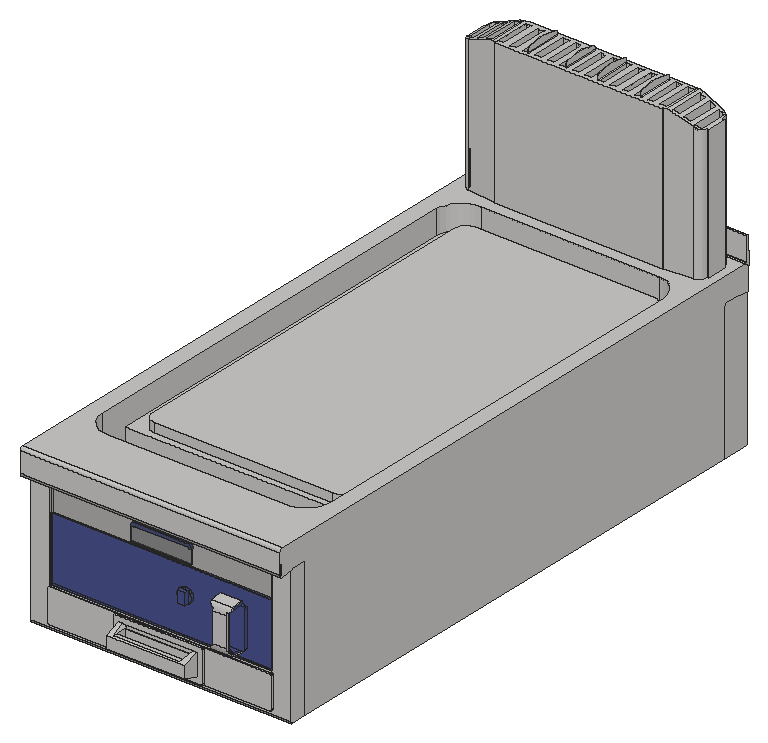
Revit family "QF_ELECTROLUXPROFESSIONAL_593317_MCGHACJOVI", category Specialty Equipment, Revit 2018
Family settings
  Round Connector Dimension = Use Diameter
  Part Type = Normal
  Work Plane-Based = No
  Always vertical = Yes
  Cut with Voids When Loaded = No
  Shared = No
  Room Calculation Point = No
Parameters (values of type "Standard")
  Weight = 82.00 kg
  Watts = 0 W
  Volts = 0 V
  URL Manufacturer = "http://professional.electrolux.com"
  URL = "http://professional.electrolux.com"
  Steam Supply Size = 0"
  Steam Supply Minimum Pressure = 0.00 psi
  Steam Supply Maximum Pressure = 0.00 psi
  Steam Pounds per Hour = 0
  Show Clearance [instance] = yes
  Refrigeration Suction Line Size = 0 mm
  Refrigeration Liquid Line Size = 0 mm
  Refrigerant Compressor Remote = yes
  Phase = 0
  Model = "MCGHACJOVI"
  Manufacturer = "Electrolux Professional"
  Length Actual = 1000 mm  # constant formula
  Item Number = "593317"
  Hot Water Size = 0"
  Height Actual = 250 mm  # constant formula
  HP = "0 HP"
  Gas Size = 1/2"
  Gas KW = 34
  Gas Input Pressure = 3.27142 Btu/h
  Direct Waste Size = 0"
  Description = "GAS TOP,4B,TOWNGAS,ECO,2S,1000X900X250"
  Depth Actual = 900 mm  # constant formula
  Cycle = 0 Hz
  Condensate Return Size = 0"
  Compressed Air Volume = 0 GPM
  Compressed Air Size = 0"
  Compressed Air Pressure = 0.00 psi
  Cold Water Size = 0"
  Accessory = yes
Reference planes
  plane 1 "BACK": y = 0
  plane 2: z = 0
  plane 3 "LEFT": x = 0
  plane 4 "RIGHT": x = 400
  plane 5 "FRONT": y = -900
  plane 6 "TOP": z = 250
  plane 7: x = 200
  plane 8: y = -450
  plane 9: z = 481
  plane 10: y = -1330
Forms (mm)
  Extrusion 1, solid, material "QF_Finishes_Stainless Steel"
    sketch origin (0, -487.128, 0) x (0, 1, 0) y (0, 0, 1)
      loop
        line (483.128, 250) -> (-408.872, 250)
        arc (-408.872, 250) -> (-411.7, 248.828) -> (-412.872, 246) r 4
        line (-412.872, 246) -> (-412.872, 214)
        arc (-412.872, 214) -> (-411.443, 210.936) -> (-408.177, 210.061) r 4
        line (-408.177, 210.061) -> (-391.509, 213) -> (-366.872, 213) -> (-366.872, 0) -> (441.128, 0) -> (441.128, 213) -> (465.765, 213) -> (482.433, 210.061)
        arc (482.433, 210.061) -> (485.699, 210.936) -> (487.128, 214) r 4
        line (487.128, 214) -> (487.128, 246)
        arc (487.128, 246) -> (485.956, 248.828) -> (483.128, 250) r 4
    from 0 to 400
  Extrusion 2, void
    sketch origin (653.786, 44.048, 250) x (1, 0, 0) y (0, -1, 0)
      loop
        line (-590.636, 138.048) -> (-316.936, 138.048)
        arc (-316.936, 138.048) -> (-289.96, 149.222) -> (-278.786, 176.198) r 38.15
        line (-278.786, 176.198) -> (-278.786, 816.572)
        arc (-278.786, 816.572) -> (-290.056, 843.779) -> (-317.263, 855.048) r 38.476
        line (-317.263, 855.048) -> (-591.786, 855.048)
        arc (-591.786, 855.048) -> (-617.949, 844.211) -> (-628.786, 818.048) r 37
        line (-628.786, 818.048) -> (-628.786, 176.198)
        arc (-628.786, 176.198) -> (-617.613, 149.222) -> (-590.636, 138.048) r 38.15
    from 0 to 37
  Extrusion 3, void
    sketch origin (1307.573, 92.096, 213) x (0, 1, 0) y (1, 0, 0)
      loop
        line (-821.846, -932.573) -> (-864.62, -932.573)
        arc (-864.62, -932.573) -> (-891.827, -943.842) -> (-903.096, -971.049) r 38.476
        line (-903.096, -971.049) -> (-903.096, -1245.573)
        arc (-903.096, -1245.573) -> (-892.259, -1271.736) -> (-866.096, -1282.573) r 37
        line (-866.096, -1282.573) -> (-821.846, -1282.573) -> (-821.846, -932.573)
    from 0 to 25.6
  Extrusion 4, void
    sketch origin (1307.573, 92.096, 187.4) x (-1, 0, 0) y (0, 1, 0)
      loop
        circle (1212.573, -862.096) r 22.248
    from 0 to 92
  Extrusion 5, solid, material "QF_Finishes_Stainless Steel"
    sketch origin (0, -854, 0) x (1, 0, 0) y (0, -1, 0)
      loop
        circle (365, -264) r 6.35
    from 0 to 3.2
  Extrusion 6, solid, material "QF_Door-Drawer Clearances", visible <- "Show Clearance", detail levels coarse
    sketch origin (237.31, -881.593, 8.62) x (0, 0, 1) y (-1, 0, 0)
      loop
        line (1.973, -134.295) -> (49.317, -134.295)
        arc (49.317, -134.295) -> (50.776, -133.691) -> (51.38, -132.232) r 2.063
        line (51.38, -132.232) -> (51.38, 206.852)
        arc (51.38, 206.852) -> (50.88, 208.549) -> (49.541, 209.705) r 3.133
        line (49.541, 209.705) -> (3.067, 209.705)
        arc (3.067, 209.705) -> (0.898, 208.807) -> (0, 206.638) r 3.067
        line (0, 206.638) -> (0, -132.322)
        arc (0, -132.322) -> (0.578, -133.717) -> (1.973, -134.295) r 1.973
    from 0 to 448.407
  Extrusion 7, solid, material "QF_Finishes_Stainless Steel"
    sketch origin (653.786, 44.048, 213) x (1, 0, 0) y (0, 1, 0)
      loop
        line (-608.786, -166.361) -> (-608.786, -745.485)
        arc (-608.786, -745.485) -> (-603.47, -758.319) -> (-590.636, -763.635) r 18.15
        line (-590.636, -763.635) -> (-316.936, -763.635)
        arc (-316.936, -763.635) -> (-304.102, -758.319) -> (-298.786, -745.485) r 18.15
        line (-298.786, -745.485) -> (-298.786, -166.361)
        arc (-298.786, -166.361) -> (-304.102, -153.527) -> (-316.936, -148.211) r 18.15
        line (-316.936, -148.211) -> (-590.636, -148.211)
        arc (-590.636, -148.211) -> (-603.47, -153.527) -> (-608.786, -166.361) r 18.15
    from 0 to 13.3
  Extrusion 8, solid, material "QF_Clearances", visible <- "Show Clearance", detail levels coarse
    sketch origin (-178.969, -4572, 0) x (-1, 0, 0) y (0, -1, 0)
      loop
        line (-78.969, -3672) -> (-178.969, -3672) -> (-178.969, -4572) -> (-578.969, -4572) -> (-578.969, -3672) -> (-678.969, -3672) -> (-678.969, -4672) -> (-78.969, -4672) -> (-78.969, -3672)
    from 0 to 250
  Extrusion 9, solid, material "QF_Finishes_Stainless Steel"
    sketch origin (0, 0, 0) x (0, 1, 0) y (0, 0, 1)
      loop
        line (-2.951, 1.994) -> (-2.951, 210.127)
        arc (-2.951, 210.127) -> (-3.795, 210.003) -> (-4.646, 210.061) r 4
        line (-4.646, 210.061) -> (-21.287, 212.994) -> (-45, 212.994) -> (-45, -0.006) -> (-4.951, -0.006)
        arc (-4.951, -0.006) -> (-3.537, 0.58) -> (-2.951, 1.994) r 2
      loop
        arc (-1.951, 252) -> (-2.537, 250.586) -> (-3.951, 250) r 2
        arc (-3.951, 250) -> (-1.172, 248.823) -> (0, 245.994) r 4
        line (0, 245.994) -> (0, 288) -> (-1.951, 288) -> (-1.951, 252)
    from 400 to 0
Cuts and joins
  Extrusion 2, Extrusion 3, Extrusion 4 cuts Extrusion 1
Lines and regions (mm)
  symbolic lines
    curve 1: line (293.666, -902.326, 0) -> (293.666, -900, 0)
    curve 2: spline (299.334, -903.73, 0) -> (298.856, -903.657, 0) -> (298.378, -903.575, 0) -> (297.901, -903.486, 0) -> (297.425, -903.389, 0) -> (296.95, -903.283, 0) -> (296.476, -903.17, 0) -> (296.004, -903.049, 0) -> (295.533, -902.92, 0) -> (295.064, -902.783, 0) -> (294.596, -902.638, 0) -> (294.13, -902.486, 0) -> (293.666, -902.326, 0)
    curve 3: line (325.881, -902.326, 0) -> (325.881, -900, 0)
    curve 4: spline (325.881, -902.326, 0) -> (325.417, -902.486, 0) -> (324.951, -902.638, 0) -> (324.483, -902.783, 0) -> (324.014, -902.92, 0) -> (323.543, -903.049, 0) -> (323.071, -903.17, 0) -> (322.597, -903.283, 0) -> (322.122, -903.389, 0) -> (321.646, -903.486, 0) -> (321.169, -903.575, 0) -> (320.691, -903.657, 0) -> (320.213, -903.73, 0)
    curve 5: line (299.334, -903.73, 0) -> (320.213, -903.73, 0)
    curve 6: line (25, -774, 0) -> (25, -132.15, 0)
    curve 7: arc (25, -132.15, 0) -> (36.174, -105.174, 0) -> (63.15, -94, 0) r 38.15
    curve 8: line (63.15, -94, 0) -> (336.85, -94, 0)
    curve 9: arc (336.85, -94, 0) -> (363.826, -105.174, 0) -> (375, -132.15, 0) r 38.15
    curve 10: line (375, -132.15, 0) -> (375, -772.524, 0)
    curve 11: arc (375, -772.524, 0) -> (363.731, -799.731, 0) -> (336.524, -811, 0) r 38.476
    curve 12: line (336.524, -811, 0) -> (62, -811, 0)
    curve 13: arc (62, -811, 0) -> (35.837, -800.163, 0) -> (25, -774, 0) r 37
    curve 14: line (375, -729.75, 0) -> (25, -729.75, 0)
    curve 15: circle (95, -770, 0) r 22.248 normal (0, 0, -1)
    curve 16: line (0, 0, 0) -> (400, 0, 0)
    curve 17: line (0, -900, 0) -> (0, 0, 0)
    curve 18: line (400, -900, 0) -> (0, -900, 0)
    curve 19: line (400, 0, 0) -> (400, -900, 0)
    curve 20: line (147.608, -908.767, 0) -> (250.042, -908.767, 0)
    curve 21: line (250.042, -908.767, 0) -> (251.588, -900, 0)
    curve 22: line (147.608, -908.767, 0) -> (146.062, -900, 0)
  symbolic lines, style "QF_Door-Drawer Clearances"
    curve 23: line (27.605, -1330, 0) -> (27.605, -900, 0)
    curve 24: line (27.605, -1330, 0) -> (371.605, -1330, 0)
    curve 25: line (371.605, -1330, 0) -> (371.605, -900, 0)
  symbolic lines, style "SpecialityEquipment"
    curve 26: line (355, -701.437, 0) -> (355, -122.313, 0)
    curve 27: arc (355, -122.313, 0) -> (349.684, -109.479, 0) -> (336.85, -104.163, 0) r 18.15
    curve 28: line (336.85, -104.163, 0) -> (63.15, -104.163, 0)
    curve 29: arc (63.15, -104.163, 0) -> (50.316, -109.479, 0) -> (45, -122.313, 0) r 18.15
    curve 30: line (45, -122.313, 0) -> (45, -701.437, 0)
    curve 31: arc (45, -701.437, 0) -> (50.316, -714.271, 0) -> (63.15, -719.587, 0) r 18.15
    curve 32: line (63.15, -719.587, 0) -> (336.85, -719.587, 0)
    curve 33: arc (336.85, -719.587, 0) -> (349.684, -714.271, 0) -> (355, -701.437, 0) r 18.15
    curve 37: line (0, -1.951, 0) -> (400, -1.951, 0)
  symbolic lines, style "QF_Clearances", visible <- "Show Clearance", detail levels coarse
    curve 34: line (-100, 100, 0) -> (-100, -900, 0)
    curve 35: line (500, 100, 0) -> (-100, 100, 0)
    curve 36: line (500, -900, 0) -> (500, 100, 0)
Dimensions and locks
  plane 3 "LEFT" to plane 4 "RIGHT" = 400 mm
  plane 5 "FRONT" to plane 1 "BACK" = 900 mm
  equal spacing: plane 3 "LEFT", plane 7, plane 4 "RIGHT"
  equal spacing: plane 5 "FRONT", plane 8, plane 1 "BACK"
  plane 6 "TOP" to level = 250 mm  (x2)
  plane 1 "BACK" to plane 5 "FRONT" = 900 mm
  Extrusion 5 sketch curve to plane 1 "BACK" = 590 mm
  Extrusion 5 sketch curve to plane 4 "RIGHT" = 35 mm
  plane 5 "FRONT" to plane 10 = 430 mm
  plane 9 to plane 6 "TOP" = 231 mm
  plane 9 to level = 481 mm
  Extrusion 8 to plane 3 "LEFT" = 100 mm
  plane 4 "RIGHT" to Extrusion 8 = 100 mm
  plane 1 "BACK" to Extrusion 8 = 100 mm
  radius of Extrusion 7 sketch curve = 18.15 mm  (x4)
  aligned and locked: level to plane 2
  aligned and locked: plane 7 to nested 1
  aligned and locked: Extrusion 6 to plane 10
  aligned and locked: nested 2 to plane 6 "TOP"
  aligned and locked: plane 6 "TOP" to Extrusion 8
  aligned and locked: Extrusion 9 to plane 4 "RIGHT"
Automatic sketch dimensions
  Extrusion 1 to Extrusion 2 sketch curve = 90 mm
  Extrusion 1 to Extrusion 2 sketch curve = 122 mm
  Extrusion 1 to Extrusion 2 sketch curve = 25 mm
  Extrusion 2 sketch curve to Extrusion 2 sketch curve = 38.15 mm  (x2)
  Extrusion 1 to Extrusion 2 sketch curve = 123.476 mm
  Extrusion 1 to Extrusion 2 sketch curve = 85 mm
  Extrusion 2 sketch curve to Extrusion 2 sketch curve = 274.524 mm
  Extrusion 1 sketch curve to plane 5 "FRONT" = 0 mm
  Extrusion 1 sketch curve to plane 6 "TOP" = 0 mm
  Extrusion 1 sketch curve to level = 0 mm
  Extrusion 1 sketch curve to plane 1 "BACK" = 0 mm
  Extrusion 1 sketch curve to plane 6 "TOP" = 37 mm  (x2)
  Extrusion 1 sketch curve to plane 5 "FRONT" = 4 mm
  Extrusion 1 sketch curve to plane 5 "FRONT" = 21.363 mm
  Extrusion 1 sketch curve to plane 5 "FRONT" = 46 mm
  plane 1 "BACK" to Extrusion 1 sketch curve = 21.363 mm
  plane 1 "BACK" to Extrusion 1 sketch curve = 4 mm  (x2)
  Extrusion 1 sketch curve to Extrusion 1 sketch curve = 4 mm
  Extrusion 1 sketch curve to Extrusion 1 sketch curve = 0.695 mm
  Extrusion 1 sketch curve to Extrusion 1 sketch curve = 0 mm  (x4)
  plane 1 "BACK" to Extrusion 1 sketch curve = 4.695 mm
  Extrusion 1 sketch curve to Extrusion 1 sketch curve = 1 mm  (x2)
  plane 1 "BACK" to Extrusion 1 sketch curve = 46 mm
  Extrusion 3 sketch curve to Extrusion 2 = 81.25 mm
  Extrusion 2 to Extrusion 3 sketch curve = 0 mm  (x2)
  Extrusion 3 sketch curve to Extrusion 3 sketch curve = 37 mm
  Extrusion 3 sketch curve to Extrusion 3 sketch curve = 274.524 mm
  Extrusion 3 sketch curve to Extrusion 2 = 38.476 mm
  Extrusion 4 sketch curve to Extrusion 3 = 41 mm
  Extrusion 4 sketch curve to Extrusion 3 = 70 mm
  Extrusion 6 sketch curve to nested 1 = 1.973 mm
  Extrusion 6 sketch curve to nested 1 = 2.853 mm
  Extrusion 6 sketch curve to nested 1 = 1.839 mm
  Extrusion 7 sketch curve to Extrusion 2 = 20 mm
  Extrusion 7 sketch curve to Extrusion 2 = 91.413 mm
  Extrusion 7 sketch curve to Extrusion 2 = 38.15 mm
  Extrusion 7 sketch curve to Extrusion 2 = 28.313 mm
  plane 1 "BACK" to Extrusion 8 sketch curve = 0 mm
  plane 5 "FRONT" to Extrusion 8 sketch curve = 0 mm  (x2)
  Extrusion 8 sketch curve to plane 4 "RIGHT" = 100 mm
  Extrusion 8 sketch curve to plane 1 "BACK" = 100 mm
  Extrusion 8 sketch curve to plane 3 "LEFT" = 100 mm
  Extrusion 8 sketch curve to plane 3 "LEFT" = 0 mm
  Extrusion 8 sketch curve to plane 4 "RIGHT" = 0 mm
  Extrusion 9 sketch curve to plane 1 "BACK" = 0 mm  (x2)
  Extrusion 9 sketch curve to level = 0.006 mm
  Extrusion 9 sketch curve to plane 6 "TOP" = 0 mm
  Extrusion 9 sketch curve to Extrusion 9 sketch curve = 1.951 mm
  plane 1 "BACK" to Extrusion 9 sketch curve = 2.951 mm
  Extrusion 9 sketch curve to Extrusion 9 sketch curve = 2 mm  (x2)
  Extrusion 9 sketch curve to Extrusion 9 sketch curve = 18.335 mm
  Extrusion 9 sketch curve to Extrusion 9 sketch curve = 40.049 mm
  Extrusion 9 sketch curve to Extrusion 9 sketch curve = 1.695 mm
  Extrusion 9 sketch curve to Extrusion 9 sketch curve = 0 mm  (x3)
  Extrusion 9 sketch curve to Extrusion 9 sketch curve = 4 mm
  plane 1 "BACK" to Extrusion 9 sketch curve = 3.951 mm
  Extrusion 9 sketch curve to plane 6 "TOP" = 39.873 mm
  Extrusion 9 sketch curve to plane 6 "TOP" = 37.006 mm
  Extrusion 9 sketch curve to Extrusion 9 sketch curve = 36 mm
  Extrusion 9 sketch curve to Extrusion 9 sketch curve = 0.066 mm
  Extrusion 9 sketch curve to plane 6 "TOP" = 4.006 mm
  plane 1 "BACK" to curve 16 = 0 mm
  curve 24 to plane 10 = 0 mm
  curve 17 to plane 3 "LEFT" = 0 mm
  plane 5 "FRONT" to curve 18 = 0 mm
  plane 5 "FRONT" to curve 36 = 0 mm
  curve 37 to plane 4 "RIGHT" = 0 mm
  plane 5 "FRONT" to curve 34 = 0 mm
  curve 35 to plane 4 "RIGHT" = 100 mm
  plane 4 "RIGHT" to curve 10 = 25 mm
  plane 4 "RIGHT" to curve 24 = 28.395 mm
  curve 10 to curve 26 = 20 mm
  curve 33 to curve 32 = 18.15 mm
  curve 27 to curve 28 = 18.15 mm
  curve 8 to curve 27 = 0 mm
  curve 11 to curve 12 = 38.476 mm
  plane 5 "FRONT" to curve 3 = 2.326 mm
  curve 25 to curve 3 = 45.724 mm
  plane 5 "FRONT" to curve 5 = 3.73 mm
  curve 3 to curve 5 = 5.669 mm
  curve 5 to curve 5 = 20.878 mm
  plane 5 "FRONT" to curve 1 = 2.326 mm
  curve 2 to curve 1 = 5.669 mm
  plane 5 "FRONT" to curve 21 = 8.767 mm
  curve 1 to curve 21 = 43.623 mm
  curve 22 to plane 7 = 52.392 mm
  plane 3 "LEFT" to curve 28 = 63.15 mm
  plane 3 "LEFT" to curve 32 = 63.15 mm
  curve 8 to curve 28 = 0 mm
  plane 3 "LEFT" to curve 12 = 62 mm
  curve 29 to curve 30 = 18.15 mm
  plane 3 "LEFT" to curve 23 = 27.605 mm
  plane 3 "LEFT" to curve 6 = 25 mm
  curve 34 to plane 3 "LEFT" = 100 mm
  curve 3 to curve 4 = 9.839 mm
  plane 5 "FRONT" to curve 2 = 4.032 mm
  curve 2 to curve 5 = 4.17 mm
  curve 21 to curve 20 = 1.546 mm
  curve 20 to curve 22 = 1.546 mm
  curve 15 to curve 13 = 33 mm
  curve 34 to plane 1 "BACK" = 100 mm
  plane 1 "BACK" to curve 8 = 94 mm
  curve 8 to curve 28 = 10.163 mm
  curve 26 to curve 2 = 159.462 mm
  curve 32 to curve 10 = 52.937 mm
  curve 16 to curve 37 = 1.951 mm
  curve 30 to curve 14 = 28.313 mm
  curve 15 to curve 13 = 4 mm
  curve 2 to curve 4 = 0 mm
  radius of Extrusion 4 sketch curve = 22.248 mm
  radius of Extrusion 5 sketch curve = 6.35 mm
  radius of Extrusion 6 sketch curve to nested 1 = 0 mm  (x2)
  radius of curve 15 = 22.248 mm
Nested families
  nested 1: "GG_900_400 Front Panel with Center Grease Trap" at (202.376, -854, -650), type "GG_900_400 Front Panel with Center Grease Trap"
  nested 2: "GG_900_Flute for 400 fryer" at (404.201, -5, -635.571), type "GG_900_Flute for 400 fryer"
Connectors
  piping at (365, -590, -3.2), diameter 12.8
    settings: on Extrusion 5, index 1, connector inside diameter 0.50394", connector length 0 mm, flow factor 0, pipe flow 0 GPM, pressure drop 0.00 psi, fitting loss kfactor 0, connector angle 0.00°, fixture units 0, engagement length 0 mm, angle of deflection 0.00°, flow configuration 1, flow direction 1, fitting loss method 0, system type 7, joint type 0, gender type 0, connector reference index -1, connector utility 0, adjustable connector no, is connector primary yes, connector description "GAS CONNECTION"
Definition of nested family "GG_900_400 Front Panel with Center Grease Trap"
  Reference planes
    plane 1 "Center (Front/Back)": y = 0
    plane 2: z = 0
    plane 3 "Center (Left/Right)": x = -2.376
    plane 4: x = -202.376
    plane 5: x = 197.624
  Forms (mm)
    Extrusion 1, solid
      sketch origin (833.217, 829.203, -1.25) x (0, 1, 0) y (0, 0, 1)
        loop
          arc (-854.203, 654.25) -> (-853.324, 652.129) -> (-851.203, 651.25) r 3
          line (-851.203, 651.25) -> (-829.203, 651.25) -> (-829.203, 864.25) -> (-854.203, 864.25) -> (-854.203, 654.25)
      from -1035.593 to -635.593
    Extrusion 2, void
      sketch origin (33.217, 829.203, -1.25) x (1, 0, 0) y (0, 0, 1)
        loop
          line (-207.593, 855.116) -> (-207.593, 713.116) -> (136.407, 713.116) -> (136.407, 855.116) -> (-207.593, 855.116)
      from 848.59 to 854.203
    Extrusion 3, solid
      sketch origin (-166.718, -23.053, 847.184) x (0, 0, -1) y (1, 0, 0)
        loop
          circle (77.168, 200.901) r 11
      from 0 to 3.2
    Extrusion 4, solid
      sketch origin (-166.718, -26.253, 847.184) x (0, 0, -1) y (1, 0, 0)
        loop
          line (67.962, 195.586) -> (86.297, 195.586) -> (86.297, 206.217) -> (67.962, 206.217) -> (67.962, 195.586)
      from 0 to 6.4
  Cuts and joins
    Extrusion 2 cuts Extrusion 1
  Dimensions and locks
    equal spacing: plane 5, plane 3 "Center (Left/Right)", plane 4
    plane 5 to plane 4 = 400 mm
    plane 5 to nested 1 = 90 mm
    aligned and locked: cut or joined group of Extrusion 1, Extrusion 2 to plane 4
    aligned and locked: plane 5 to cut or joined group of Extrusion 1, Extrusion 2
    aligned and locked: plane 3 "Center (Left/Right)" to nested 2
    aligned and locked: cut or joined group of Extrusion 1, Extrusion 2 to nested 2
    aligned and locked: plane 3 "Center (Left/Right)" to nested 3
  Automatic sketch dimensions
    Extrusion 1 sketch curve to plane 1 "Center (Front/Back)" = 0 mm
    plane 1 "Center (Front/Back)" to Extrusion 1 sketch curve = 22 mm
    Extrusion 1 sketch curve to Extrusion 1 sketch curve = 3 mm
    level to Extrusion 1 sketch curve = 650 mm
    Extrusion 1 sketch curve to Extrusion 1 sketch curve = 210 mm
    plane 4 to Extrusion 2 sketch curve = 28 mm
    Extrusion 2 sketch curve to plane 5 = 28 mm
    level to Extrusion 2 sketch curve = 711.866 mm
    Extrusion 2 sketch curve to Extrusion 2 sketch curve = 142 mm
    nested 2 to Extrusion 3 sketch curve = 40.144 mm
    Extrusion 3 sketch curve to nested 2 = 132.531 mm
    Extrusion 4 sketch curve to Extrusion 4 sketch curve = 18.335 mm
    Extrusion 4 sketch curve to Extrusion 4 sketch curve = 10.631 mm
    radius of Extrusion 3 sketch curve = 11 mm
  Nested families
    nested 1: "Range Control Handle" at (107.624, -28.137, -209.113) x (-1, 0, 0) z (0, 0, 1), type "Range Control Handle"
    nested 2: "glass conrol panel" at (-2.376, 280.644, 2.752), type "glass conrol panel"
    nested 3: "grease trap door" at (65.223, -25, 0.608) x (-1, 0, 0) z (0, 0, 1), type "grease trap door"
  Definition of nested family "Range Control Handle"
    Reference planes
      plane 1 "Center (Front/Back)": y = 0
      plane 2: z = 0
      plane 3 "Center (Left/Right)": x = 0
      plane 4: z = 971.092
    Forms (mm)
      Extrusion 1, solid
        sketch origin (-746.28, 380.497, 208.931) x (-1, 0, 0) y (0, 0, 1)
          loop
            line (-770.101, 786.798) -> (-770.101, 731.649)
            arc (-770.101, 731.649) -> (-769.759, 730.563) -> (-768.855, 729.87) r 1.893
            line (-768.855, 729.87) -> (-763.474, 727.911) -> (-729.81, 727.911) -> (-724.428, 729.87)
            arc (-724.428, 729.87) -> (-723.525, 730.563) -> (-723.183, 731.649) r 1.893
            line (-723.183, 731.649) -> (-723.183, 786.798)
            arc (-723.183, 786.798) -> (-723.529, 787.894) -> (-724.44, 788.593) r 1.91
            line (-724.44, 788.593) -> (-729.683, 790.819) -> (-763.601, 790.819) -> (-768.844, 788.593)
            arc (-768.844, 788.593) -> (-769.755, 787.894) -> (-770.101, 786.798) r 1.91
        from -382.35 to -378.852
      Sweep 2, solid
        path origin (-746.788, 380.496, 208.091) x (0, -1, 0) y (0, 0, 1)
          loop
            line (379.775, 793.281) -> (395.661, 791.048)
            arc (395.661, 791.048) -> (397.781, 787.377) -> (398.517, 783.202) r 12.207
            line (398.517, 783.202) -> (398.517, 737.368)
            arc (398.517, 737.368) -> (397.781, 733.193) -> (395.661, 729.522) r 12.207
            line (395.661, 729.522) -> (379.775, 727.289)
        profile origin (-746.788, -7.222, 1000.256) x (0, -0.139173, 0.990268) y (-1, 0, 0)
          loop
            line (0.782, -763.123) -> (0.782, -730.907) -> (-1.322, -730.907) -> (-1.322, -763.123) -> (0.782, -763.123)
      Sweep 3, solid
        path origin (-746.788, 380.715, 207.832) x (0, -1, 0) y (0, 0, 1)
          loop
            line (380.478, 795.442) -> (397.218, 793.09)
            arc (397.218, 793.09) -> (399.929, 788.473) -> (400.871, 783.202) r 15.207
            line (400.871, 783.202) -> (400.871, 737.584)
            arc (400.871, 737.584) -> (399.914, 732.274) -> (397.164, 727.633) r 15.207
            line (397.164, 727.633) -> (380.601, 725.305)
        profile origin (-746.788, -8.132, 1002.099) x (0, -0.139173, 0.990268) y (-1, 0, 0)
          loop
            line (0.782, -763.123) -> (0.782, -730.907) -> (-1.322, -730.907) -> (-1.322, -763.123) -> (0.782, -763.123)
      Extrusion 4, void
        sketch origin (889.253, 220.666, 207.993) x (1, 0, 0) y (0, 0, 1)
          loop
            line (-943.038, 816.854) -> (-943.038, 703.686) -> (-899.466, 734.196) -> (-899.466, 786.344) -> (-943.038, 816.854)
        from 230.636 to 242.25
      Extrusion 5, void
        sketch origin (-888.8, 220.666, 207.993) x (-1, 0, 0) y (0, 0, -1)
          loop
            line (-943.038, -816.854) -> (-899.466, -786.344) -> (-899.466, -734.196) -> (-943.038, -703.686) -> (-943.038, -816.854)
        from 230.636 to 242.25
      Extrusion 6, solid
        sketch origin (0, 0, 0) x (1, 0, 0) y (0, 0, 1)
          loop
            circle (0, 971.092) r 7.736
        from -3.137 to -1.645
    Cuts and joins
      Extrusion 4, Extrusion 5 cuts Sweep 3
      Extrusion 4, Extrusion 5 cuts Sweep 2
      joined: Extrusion 1, Extrusion 6
    Lines and regions (mm)
      symbolic lines
        curve 1: line (23.821, 1.645, 0) -> (-23.097, 1.645, 0)
        curve 2: line (16.334, -1.853, 0) -> (23.821, -1.853, 0)
        curve 3: line (-15.881, -19.189, 0) -> (-15.881, -1.853, 0)
        curve 4: line (-23.097, -1.853, 0) -> (-15.881, -1.853, 0)
        curve 5: line (16.334, -19.189, 0) -> (16.334, -1.853, 0)
        curve 6: spline (-15.881, -19.189, 0) -> (-15.417, -19.349, 0) -> (-14.951, -19.501, 0) -> (-14.483, -19.646, 0) -> (-14.014, -19.783, 0) -> (-13.543, -19.912, 0) -> (-13.071, -20.033, 0) -> (-12.597, -20.146, 0) -> (-12.122, -20.251, 0) -> (-11.646, -20.349, 0) -> (-11.169, -20.438, 0) -> (-10.691, -20.52, 0) -> (-10.213, -20.593, 0)
        curve 7: spline (10.666, -20.593, 0) -> (11.144, -20.52, 0) -> (11.622, -20.438, 0) -> (12.099, -20.349, 0) -> (12.575, -20.251, 0) -> (13.05, -20.146, 0) -> (13.524, -20.033, 0) -> (13.996, -19.912, 0) -> (14.467, -19.783, 0) -> (14.936, -19.646, 0) -> (15.404, -19.501, 0) -> (15.87, -19.349, 0) -> (16.334, -19.189, 0)
        curve 8: line (-10.213, -20.938, 0) -> (10.716, -20.938, 0)
        curve 9: line (-23.097, 1.645, 0) -> (-23.097, -1.853, 0)
        curve 10: line (23.821, 1.645, 0) -> (23.821, -1.853, 0)
  Definition of nested family "glass conrol panel"
    Reference planes
      plane 1 "Center (Front/Back)": y = 0
      plane 2: z = 0
      plane 3 "Center (Left/Right)": x = 0
    Forms (mm)
      Extrusion 1, solid
        sketch origin (378.286, 0, 0.617) x (1, 0, 0) y (0, 0, 1)
          loop
            line (-550.286, 806.791) -> (-550.286, 708.497) -> (-206.286, 708.497) -> (-206.286, 806.791) -> (-550.286, 806.791)
        from 300.031 to 304.8
      Extrusion 2, solid
        sketch origin (378.286, 0, 0.617) x (1, 0, 0) y (0, 0, 1)
          loop
            line (-550.286, 850.497) -> (-550.286, 806.791) -> (-206.286, 806.791) -> (-206.286, 850.497) -> (-550.286, 850.497)
        from 300.031 to 304.8
      Extrusion 3, void
        sketch origin (378.286, 0, 0.617) x (1, 0, 0) y (0, 0, 1)
          loop
            line (-547.628, 847.565) -> (-547.628, 710.699) -> (-209.196, 710.699) -> (-209.196, 847.565) -> (-547.628, 847.565)
        from 303.697 to 304.8
      Extrusion 4, solid
        sketch origin (-308.309, 1.101, -0.633) x (-1, 0, 0) y (0, 0, -1)
          loop
            line (-261.431, -812.62) -> (-355.186, -812.62) -> (-355.186, -834.177) -> (-350.269, -834.177) -> (-348.469, -835.977) -> (-268.039, -835.977) -> (-266.24, -834.177) -> (-261.431, -834.177) -> (-261.431, -812.62)
        from 304.798 to 306.745
      Extrusion 5, solid
        sketch origin (-308.309, 1.101, -0.633) x (-1, 0, 0) y (0, 0, -1)
          loop
            line (-350.269, -834.177) -> (-355.078, -834.177)
            arc (-355.078, -834.177) -> (-353.942, -838.747) -> (-349.686, -840.763) r 5.5
            line (-349.686, -840.763) -> (-266.98, -840.763)
            arc (-266.98, -840.763) -> (-262.706, -838.752) -> (-261.529, -834.177) r 5.549
            line (-261.529, -834.177) -> (-266.24, -834.177) -> (-268.039, -835.977) -> (-348.469, -835.977) -> (-350.269, -834.177)
        from 304.798 to 306.745
    Cuts and joins
      Extrusion 3 cuts Extrusion 1
      Extrusion 3 cuts Extrusion 2
    Dimensions and locks
      aligned and locked: Extrusion 1 to Extrusion 2
      aligned and locked: Extrusion 5 sketch curve to Extrusion 4  (x5)
      aligned and locked: Extrusion 5 to Extrusion 4
  Definition of nested family "grease trap door"
    Reference planes
      plane 1 "Center (Front/Back)": y = 0
      plane 2: z = 0
      plane 3 "Center (Left/Right)": x = 0
    Forms (mm)
      Extrusion 1, solid
        sketch origin (1627.55, 854.203, -1.25) x (1, 0, 0) y (0, 0, 1)
          loop
            arc (-1627.55, 661.235) -> (-1626.972, 659.84) -> (-1625.577, 659.262) r 1.973
            line (-1625.577, 659.262) -> (-1494.325, 659.262)
            arc (-1494.325, 659.262) -> (-1492.156, 660.16) -> (-1491.258, 662.329) r 3.067
            line (-1491.258, 662.329) -> (-1491.258, 708.803)
            arc (-1491.258, 708.803) -> (-1492.414, 710.143) -> (-1494.111, 710.642) r 3.133
            line (-1494.111, 710.642) -> (-1625.486, 710.642)
            arc (-1625.486, 710.642) -> (-1626.945, 710.038) -> (-1627.55, 708.579) r 2.063
            line (-1627.55, 708.579) -> (-1627.55, 661.235)
        from 856.795 to 859.203
      Extrusion 2, solid
        sketch origin (445.874, 2476.61, 0) x (0, 1, 0) y (0, 0, 1)
          loop
            line (-2506.377, 675.273) -> (-2481.61, 667.505) -> (-2481.61, 700.995) -> (-2506.377, 693.227) -> (-2506.377, 675.273)
        from -437.68 to -317.68
      Extrusion 3, void
        sketch origin (1627.55, 854.203, -1.25) x (1, 0, 0) y (0, 0, 1)
          loop
            line (-1614.883, 703) -> (-1610.542, 695.433) -> (-1508.17, 695.433) -> (-1503.828, 703) -> (-1614.883, 703)
          loop
            line (-1614.883, 668) -> (-1502.669, 668) -> (-1507.01, 675.567) -> (-1610.542, 675.567) -> (-1614.883, 668)
        from 832.916 to 883.97
      Extrusion 4, void
        sketch origin (447.55, 854.203, -1.25) x (1, 0, 0) y (0, 0, 1)
          loop
            line (-430.542, 695.433) -> (-430.542, 675.567) -> (-328.17, 675.567) -> (-328.17, 695.433) -> (-430.542, 695.433)
        from 859.203 to 874.202
      Extrusion 5, solid
        sketch origin (1627.55, 854.203, -1.25) x (1, 0, 0) y (0, 0, 1)
          loop
            arc (-1731.556, 661.235) -> (-1730.978, 659.84) -> (-1729.583, 659.262) r 1.973
            line (-1729.583, 659.262) -> (-1390.623, 659.262)
            arc (-1390.623, 659.262) -> (-1388.454, 660.16) -> (-1387.556, 662.329) r 3.067
            line (-1387.556, 662.329) -> (-1387.556, 708.803)
            arc (-1387.556, 708.803) -> (-1388.712, 710.143) -> (-1390.409, 710.642) r 3.133
            line (-1390.409, 710.642) -> (-1729.493, 710.642)
            arc (-1729.493, 710.642) -> (-1730.952, 710.038) -> (-1731.556, 708.579) r 2.063
            line (-1731.556, 708.579) -> (-1731.556, 661.235)
        from 854.203 to 856.795
    Cuts and joins
      Extrusion 3 cuts Extrusion 1
      Extrusion 3, Extrusion 4 cuts Extrusion 2
      joined: Extrusion 1, Extrusion 2
    Lines and regions (mm)
      symbolic lines
        curve 1: line (0, -2.593, 0) -> (136.292, -2.593, 0)
        curve 2: line (17.557, -29.767, 0) -> (12.667, -2.593, 0)
        curve 3: line (17.557, -29.767, 0) -> (119.991, -29.767, 0)
        curve 4: line (119.991, -29.767, 0) -> (124.881, -2.593, 0)
        curve 5: line (68.146, -2.593, 0) -> (68.146, -29.767, 0)
      model lines
        curve 6: line (67.599, 0, 658.012) -> (67.599, 0, 709.392)
    Dimensions and locks
      aligned and locked: Extrusion 2 to Extrusion 1
      aligned and locked: Extrusion 3 to Extrusion 2
      aligned and locked: Extrusion 4 to Extrusion 1
Definition of nested family "GG_900_Flute for 400 fryer"
  Reference planes
    plane 1 "Center (Front/Back)": y = 0
    plane 2: z = 0
    plane 3 "Center (Left/Right)": x = -138.888
    plane 4: x = -388.888
    plane 5: y = -37.994
    plane 6: x = -24.888
    plane 7: x = -382.888
    plane 8: x = -341.546
    plane 9: x = -397.742
    plane 10: x = -10.763
  Forms (mm)
    Extrusion 1, solid
      sketch origin (3208.371, -22.924, -275.679) x (1, 0, 0) y (0, 0, 1)
        loop
          line (-3597.259, 1365.162) -> (-3597.259, 1161.25) -> (-3227.259, 1161.25) -> (-3227.259, 1364.934) -> (-3271.553, 1381.055)
          arc (-3271.553, 1381.055) -> (-3274.994, 1381.949) -> (-3278.536, 1382.25) r 21
          line (-3278.536, 1382.25) -> (-3546.608, 1382.25)
          arc (-3546.608, 1382.25) -> (-3550.146, 1381.95) -> (-3553.582, 1381.058) r 21
          line (-3553.582, 1381.058) -> (-3597.259, 1365.162)
      from -17.885 to 48.024
    Extrusion 2, void
      sketch origin (3110.917, -926.426, -226.348) x (1, 0, 0) y (0, 1, 0)
        loop
          line (-3444.887, 915.362) -> (-3444.887, 861.502) -> (-3434.887, 861.502) -> (-3434.887, 915.362) -> (-3444.887, 915.362)
      from 1111.919 to 1332.919
    Extrusion 3, void
      sketch origin (0, 0, 0) x (1, 0, 0) y (0, 1, 0)
        loop
          line (-373.021, -61.567) -> (-373.021, -14.408) -> (-377.678, -14.821)
          spline (-377.678, -14.821) -> (-378.371, -14.929) -> (-379.046, -15.126) -> (-379.692, -15.41) -> (-380.301, -15.777) -> (-380.864, -16.22) -> (-381.37, -16.734) -> (-381.814, -17.309) -> (-382.188, -17.939) -> (-382.486, -18.613) -> (-382.704, -19.32) -> (-382.839, -20.051) -> (-382.888, -20.793)
          line (-382.888, -20.793) -> (-382.888, -55.104)
          spline (-382.888, -55.104) -> (-382.855, -55.807) -> (-382.746, -56.501) -> (-382.562, -57.176) -> (-382.305, -57.825) -> (-381.98, -58.437) -> (-381.589, -59.005) -> (-381.14, -59.521) -> (-380.637, -59.978) -> (-380.087, -60.369) -> (-379.499, -60.69) -> (-378.879, -60.936) -> (-378.237, -61.104)
          line (-378.237, -61.104) -> (-373.021, -61.567)
        loop
          line (-367.195, -62.083) -> (-357.328, -62.958) -> (-357.328, -13.046) -> (-367.195, -13.892) -> (-367.195, -62.083)
        loop
          line (-351.502, -12.529) -> (-351.502, -63.476) -> (-341.546, -64.358) -> (-341.546, -11.645) -> (-351.502, -12.529)
        loop
          line (-29.412, -14.802) -> (-33.505, -14.439) -> (-33.505, -61.567) -> (-28.848, -61.184)
          spline (-28.848, -61.184) -> (-28.15, -61.075) -> (-27.471, -60.875) -> (-26.82, -60.588) -> (-26.208, -60.217) -> (-25.644, -59.768) -> (-25.136, -59.248) -> (-24.692, -58.666) -> (-24.32, -58.029) -> (-24.024, -57.349) -> (-23.81, -56.634) -> (-23.681, -55.897) -> (-23.638, -55.149)
          line (-23.638, -55.149) -> (-23.638, -20.839)
          spline (-23.638, -20.839) -> (-23.689, -20.042) -> (-23.837, -19.26) -> (-24.082, -18.505) -> (-24.417, -17.791) -> (-24.838, -17.13) -> (-25.338, -16.534) -> (-25.906, -16.014) -> (-26.535, -15.577) -> (-27.211, -15.233) -> (-27.925, -14.986) -> (-28.663, -14.842) -> (-29.412, -14.802)
        loop
          line (-39.331, -13.922) -> (-49.198, -13.046) -> (-49.198, -62.989) -> (-39.331, -62.113) -> (-39.331, -13.922)
        loop
          line (-64.98, -11.615) -> (-64.98, -64.389) -> (-55.024, -63.506) -> (-55.024, -12.499) -> (-64.98, -11.615)
      from 885.571 to 1106.571
    Extrusion 4, void
      sketch origin (5.432, 225.414, 0) x (1, 0, 0) y (0, 1, 0)
        loop
          spline (-382.452, -291.267) -> (-383.887, -291.038) -> (-385.284, -290.622) -> (-386.623, -290.026) -> (-387.883, -289.259) -> (-389.044, -288.332) -> (-390.088, -287.26) -> (-391.001, -286.059) -> (-391.767, -284.747) -> (-392.375, -283.345) -> (-392.817, -281.874) -> (-393.084, -280.356) -> (-393.174, -278.815)
          line (-393.174, -278.815) -> (-403.174, -278.815) -> (-403.174, -302.496) -> (-338.779, -302.496) -> (-338.779, -295.112) -> (-382.452, -291.267)
        loop
          line (-382.452, -235.548) -> (-338.508, -231.703) -> (-338.508, -224.32) -> (-403.174, -224.32) -> (-403.174, -248.001) -> (-393.174, -248.001)
          spline (-393.174, -248.001) -> (-393.084, -246.459) -> (-392.817, -244.941) -> (-392.375, -243.47) -> (-391.767, -242.068) -> (-391.001, -240.757) -> (-390.088, -239.556) -> (-389.044, -238.484) -> (-387.883, -237.557) -> (-386.623, -236.79) -> (-385.284, -236.194) -> (-383.887, -235.778) -> (-382.452, -235.548)
        loop
          line (-36.918, -291.267) -> (-80.794, -295.112) -> (-80.794, -302.496) -> (-16.195, -302.496) -> (-16.195, -278.815) -> (-26.195, -278.815)
          spline (-26.195, -278.815) -> (-26.285, -280.356) -> (-26.553, -281.874) -> (-26.994, -283.345) -> (-27.602, -284.747) -> (-28.369, -286.059) -> (-29.281, -287.26) -> (-30.326, -288.332) -> (-31.487, -289.259) -> (-32.746, -290.026) -> (-34.085, -290.622) -> (-35.482, -291.038) -> (-36.918, -291.267)
        loop
          spline (-36.918, -235.548) -> (-35.482, -235.778) -> (-34.085, -236.194) -> (-32.746, -236.79) -> (-31.487, -237.557) -> (-30.326, -238.484) -> (-29.281, -239.556) -> (-28.369, -240.757) -> (-27.602, -242.068) -> (-26.994, -243.47) -> (-26.553, -244.941) -> (-26.285, -246.459) -> (-26.195, -248.001)
          line (-26.195, -248.001) -> (-16.195, -248.001) -> (-16.195, -224.32) -> (-80.861, -224.32) -> (-80.861, -231.703) -> (-36.918, -235.548)
      from 0 to 1124.213
    Extrusion 5, solid
      sketch origin (-119.329, 1835.371, -536.725) x (0, 1, 0) y (0, 0, 1)
        loop
          line (-1849.66, 1651.2) -> (-1860.917, 1653.592)
          arc (-1860.917, 1653.592) -> (-1873.392, 1654.903) -> (-1885.866, 1653.592) r 60
          line (-1885.866, 1653.592) -> (-1897.123, 1651.2)
          arc (-1897.123, 1651.2) -> (-1899.403, 1649.803) -> (-1900.294, 1647.286) r 4
          line (-1900.294, 1647.286) -> (-1900.294, 1644.257) -> (-1846.435, 1644.257) -> (-1846.435, 1647.286)
          arc (-1846.435, 1647.286) -> (-1847.327, 1649.803) -> (-1849.603, 1651.198) r 4
      from 4.99 to 5.968
    Extrusion 6, solid
      sketch origin (1141.179, -0.446, -506.698) x (1, 0, 0) y (0, 0, 1)
        loop
          line (-1428.929, 1613.23) -> (-1427.196, 1613.23)
          arc (-1427.196, 1613.23) -> (-1426.997, 1613.712) -> (-1426.929, 1614.23) r 2
          line (-1426.929, 1614.23) -> (-1427.929, 1614.23)
          arc (-1427.929, 1614.23) -> (-1428.221, 1613.523) -> (-1428.929, 1613.23) r 1
      from 10.618 to 64.478
    Extrusion 7, solid
      sketch origin (-299.878, 1835.371, -536.725) x (0, 1, 0) y (0, 0, 1)
        loop
          line (-1849.66, 1651.2) -> (-1860.917, 1653.592)
          arc (-1860.917, 1653.592) -> (-1873.392, 1654.903) -> (-1885.866, 1653.592) r 60
          line (-1885.866, 1653.592) -> (-1897.123, 1651.2)
          arc (-1897.123, 1651.2) -> (-1899.403, 1649.803) -> (-1900.294, 1647.286) r 4
          line (-1900.294, 1647.286) -> (-1900.294, 1644.257) -> (-1846.435, 1644.257) -> (-1846.435, 1647.286)
          arc (-1846.435, 1647.286) -> (-1847.327, 1649.803) -> (-1849.603, 1651.198) r 4
      from 13.128 to 14.364
    Extrusion 8, solid
      sketch origin (1199.162, -0.446, -506.698) x (1, 0, 0) y (0, 0, 1)
        loop
          line (-1428.929, 1613.23) -> (-1427.196, 1613.23)
          arc (-1427.196, 1613.23) -> (-1426.997, 1613.712) -> (-1426.929, 1614.23) r 2
          line (-1426.929, 1614.23) -> (-1427.929, 1614.23)
          arc (-1427.929, 1614.23) -> (-1428.221, 1613.523) -> (-1428.929, 1613.23) r 1
      from 10.618 to 64.478
    Extrusion 9, solid
      sketch origin (-229.628, 1835.371, -536.725) x (0, 1, 0) y (0, 0, 1)
        loop
          line (-1849.66, 1651.2) -> (-1860.917, 1653.592)
          arc (-1860.917, 1653.592) -> (-1873.392, 1654.903) -> (-1885.866, 1653.592) r 60
          line (-1885.866, 1653.592) -> (-1897.123, 1651.2)
          arc (-1897.123, 1651.2) -> (-1899.403, 1649.803) -> (-1900.294, 1647.286) r 4
          line (-1900.294, 1647.286) -> (-1900.294, 1644.257) -> (-1846.435, 1644.257) -> (-1846.435, 1647.286)
          arc (-1846.435, 1647.286) -> (-1847.327, 1649.803) -> (-1849.603, 1651.198) r 4
      from 0.861 to 1.841
    Extrusion 10, solid
      sketch origin (-1411.284, -0.446, -506.698) x (-1, 0, 0) y (0, 0, -1)
        loop
          arc (-1298.929, -1613.23) -> (-1298.221, -1613.523) -> (-1297.929, -1614.23) r 1
          line (-1297.929, -1614.23) -> (-1296.929, -1614.23)
          arc (-1296.929, -1614.23) -> (-1296.997, -1613.712) -> (-1297.196, -1613.23) r 2
          line (-1297.196, -1613.23) -> (-1298.929, -1613.23)
      from 10.618 to 64.478
    Extrusion 11, solid
      sketch origin (-185.128, 1835.371, -536.725) x (0, 1, 0) y (0, 0, 1)
        loop
          line (-1849.66, 1651.2) -> (-1860.917, 1653.592)
          arc (-1860.917, 1653.592) -> (-1873.392, 1654.903) -> (-1885.866, 1653.592) r 60
          line (-1885.866, 1653.592) -> (-1897.123, 1651.2)
          arc (-1897.123, 1651.2) -> (-1899.403, 1649.803) -> (-1900.294, 1647.286) r 4
          line (-1900.294, 1647.286) -> (-1900.294, 1644.257) -> (-1846.435, 1644.257) -> (-1846.435, 1647.286)
          arc (-1846.435, 1647.286) -> (-1847.327, 1649.803) -> (-1849.603, 1651.198) r 4
      from 4.99 to 6.005
    Extrusion 12, solid
      sketch origin (-1477.066, -0.446, -506.698) x (-1, 0, 0) y (0, 0, -1)
        loop
          arc (-1298.929, -1613.23) -> (-1298.221, -1613.523) -> (-1297.929, -1614.23) r 1
          line (-1297.929, -1614.23) -> (-1296.929, -1614.23)
          arc (-1296.929, -1614.23) -> (-1296.997, -1613.712) -> (-1297.196, -1613.23) r 2
          line (-1297.196, -1613.23) -> (-1298.929, -1613.23)
      from 10.618 to 64.478
    Extrusion 13, void
      sketch origin (3360.917, -926.426, -226.348) x (1, 0, 0) y (0, 1, 0)
        loop
          line (-3444.887, 915.362) -> (-3444.887, 861.502) -> (-3434.887, 861.502) -> (-3434.887, 915.362) -> (-3444.887, 915.362)
      from 1111.919 to 1332.919
    Extrusion 14, void
      sketch origin (3130.148, -926.426, -226.348) x (1, 0, 0) y (0, 1, 0)
        loop
          line (-3444.887, 915.362) -> (-3444.887, 861.502) -> (-3434.887, 861.502) -> (-3434.887, 915.362) -> (-3444.887, 915.362)
      from 1111.919 to 1332.919
    Extrusion 15, void
      sketch origin (3149.379, -926.426, -226.348) x (1, 0, 0) y (0, 1, 0)
        loop
          line (-3444.887, 915.362) -> (-3444.887, 861.502) -> (-3434.887, 861.502) -> (-3434.887, 915.362) -> (-3444.887, 915.362)
      from 1111.919 to 1332.919
    Extrusion 16, void
      sketch origin (3168.61, -926.426, -226.348) x (1, 0, 0) y (0, 1, 0)
        loop
          line (-3444.887, 915.362) -> (-3444.887, 861.502) -> (-3434.887, 861.502) -> (-3434.887, 915.362) -> (-3444.887, 915.362)
      from 1111.919 to 1332.919
    Extrusion 17, void
      sketch origin (3187.841, -926.426, -226.348) x (1, 0, 0) y (0, 1, 0)
        loop
          line (-3444.887, 915.362) -> (-3444.887, 861.502) -> (-3434.887, 861.502) -> (-3434.887, 915.362) -> (-3444.887, 915.362)
      from 1111.919 to 1332.919
    Extrusion 18, void
      sketch origin (3207.071, -926.426, -226.348) x (1, 0, 0) y (0, 1, 0)
        loop
          line (-3444.887, 915.362) -> (-3444.887, 861.502) -> (-3434.887, 861.502) -> (-3434.887, 915.362) -> (-3444.887, 915.362)
      from 1111.919 to 1332.919
    Extrusion 19, void
      sketch origin (3226.302, -926.426, -226.348) x (1, 0, 0) y (0, 1, 0)
        loop
          line (-3444.887, 915.362) -> (-3444.887, 861.502) -> (-3434.887, 861.502) -> (-3434.887, 915.362) -> (-3444.887, 915.362)
      from 1111.919 to 1332.919
    Extrusion 20, void
      sketch origin (3245.533, -926.426, -226.348) x (1, 0, 0) y (0, 1, 0)
        loop
          line (-3444.887, 915.362) -> (-3444.887, 861.502) -> (-3434.887, 861.502) -> (-3434.887, 915.362) -> (-3444.887, 915.362)
      from 1111.919 to 1332.919
    Extrusion 21, void
      sketch origin (3264.764, -926.426, -226.348) x (1, 0, 0) y (0, 1, 0)
        loop
          line (-3444.887, 915.362) -> (-3444.887, 861.502) -> (-3434.887, 861.502) -> (-3434.887, 915.362) -> (-3444.887, 915.362)
      from 1111.919 to 1332.919
    Extrusion 22, void
      sketch origin (3283.994, -926.426, -226.348) x (1, 0, 0) y (0, 1, 0)
        loop
          line (-3444.887, 915.362) -> (-3444.887, 861.502) -> (-3434.887, 861.502) -> (-3434.887, 915.362) -> (-3444.887, 915.362)
      from 1111.919 to 1332.919
    Extrusion 23, void
      sketch origin (3303.225, -926.426, -226.348) x (1, 0, 0) y (0, 1, 0)
        loop
          line (-3444.887, 915.362) -> (-3444.887, 861.502) -> (-3434.887, 861.502) -> (-3434.887, 915.362) -> (-3444.887, 915.362)
      from 1111.919 to 1332.919
    Extrusion 24, void
      sketch origin (3322.456, -926.426, -226.348) x (1, 0, 0) y (0, 1, 0)
        loop
          line (-3444.887, 915.362) -> (-3444.887, 861.502) -> (-3434.887, 861.502) -> (-3434.887, 915.362) -> (-3444.887, 915.362)
      from 1111.919 to 1332.919
    Extrusion 25, void
      sketch origin (3341.687, -926.426, -226.348) x (1, 0, 0) y (0, 1, 0)
        loop
          line (-3444.887, 915.362) -> (-3444.887, 861.502) -> (-3434.887, 861.502) -> (-3434.887, 915.362) -> (-3444.887, 915.362)
      from 1111.919 to 1332.919
  Cuts and joins
    Extrusion 2, Extrusion 3, Extrusion 4, Extrusion 13, Extrusion 14, Extrusion 15, Extrusion 16, Extrusion 17, Extrusion 18, Extrusion 19, Extrusion 20, Extrusion 21, Extrusion 22, Extrusion 23, Extrusion 24, Extrusion 25 cuts Extrusion 1
  Lines and regions (mm)
    symbolic lines
      curve 1: line (-89.839, -5.039, 0) -> (-319.049, -5.039, 0)
      curve 2: line (-377.28, -10.134, 0) -> (-319.049, -5.039, 0)
      curve 3: spline (-388.002, -22.586, 0) -> (-387.913, -21.045, 0) -> (-387.645, -19.527, 0) -> (-387.204, -18.056, 0) -> (-386.595, -16.654, 0) -> (-385.829, -15.343, 0) -> (-384.916, -14.142, 0) -> (-383.872, -13.07, 0) -> (-382.711, -12.143, 0) -> (-381.451, -11.376, 0) -> (-380.113, -10.779, 0) -> (-378.715, -10.363, 0) -> (-377.28, -10.134, 0)
      curve 4: line (-388.888, -22.586, 0) -> (-388.888, -53.401, 0)
      curve 5: spline (-377.28, -65.853, 0) -> (-378.715, -65.624, 0) -> (-380.113, -65.208, 0) -> (-381.451, -64.612, 0) -> (-382.711, -63.844, 0) -> (-383.872, -62.918, 0) -> (-384.916, -61.846, 0) -> (-385.829, -60.645, 0) -> (-386.595, -59.333, 0) -> (-387.204, -57.931, 0) -> (-387.645, -56.46, 0) -> (-387.913, -54.942, 0) -> (-388.002, -53.401, 0)
      curve 6: line (-319.049, -70.948, 0) -> (-89.839, -70.948, 0)
      curve 7: line (-319.049, -70.948, 0) -> (-377.28, -65.853, 0)
      curve 8: line (-31.608, -65.853, 0) -> (-89.839, -70.948, 0)
      curve 9: line (-18.75, -53.401, 0) -> (-18.75, -22.586, 0)
      curve 10: spline (-20.886, -53.401, 0) -> (-20.975, -54.942, 0) -> (-21.243, -56.46, 0) -> (-21.684, -57.931, 0) -> (-22.293, -59.333, 0) -> (-23.059, -60.645, 0) -> (-23.972, -61.846, 0) -> (-25.016, -62.918, 0) -> (-26.177, -63.844, 0) -> (-27.436, -64.612, 0) -> (-28.775, -65.208, 0) -> (-30.173, -65.624, 0) -> (-31.608, -65.853, 0)
      curve 11: spline (-31.608, -10.134, 0) -> (-30.173, -10.363, 0) -> (-28.775, -10.779, 0) -> (-27.436, -11.376, 0) -> (-26.177, -12.143, 0) -> (-25.016, -13.07, 0) -> (-23.972, -14.142, 0) -> (-23.059, -15.343, 0) -> (-22.293, -16.654, 0) -> (-21.684, -18.056, 0) -> (-21.243, -19.527, 0) -> (-20.975, -21.045, 0) -> (-20.886, -22.586, 0)
      curve 12: line (-89.839, -5.039, 0) -> (-31.608, -10.134, 0)
      curve 13: line (-138.888, 0, 1106.571) -> (-138.888, 0, 885.571)
  Dimensions and locks
    locked: plane 4 to plane 7 at 6
    locked: plane 9 to plane 4 at 8.854
    equal spacing: group 1, group 3, group 4, group 5, group 6, group 7, group 8, group 9, group 10, group 11, group 12, group 13, group 14, group 2  (x3)
    aligned and locked: Extrusion 1 to plane 4
    aligned and locked: Extrusion 7 to Extrusion 6
  Automatic sketch dimensions
    curve 13 to plane 3 "Center (Left/Right)" = 0 mm
    level to curve 13 = 885.571 mm
    curve 13 to curve 13 = 221 mm
    Extrusion 1 sketch curve to plane 4 = 0 mm
    Extrusion 1 sketch curve to plane 8 = 3.665 mm
    plane 8 to Extrusion 1 sketch curve = 3.31 mm
    Extrusion 1 sketch curve to plane 6 = 45.277 mm
    Extrusion 1 sketch curve to Extrusion 1 sketch curve = 6.982 mm
    plane 6 to Extrusion 1 sketch curve = 6 mm
    level to Extrusion 1 sketch curve = 885.571 mm
    Extrusion 1 sketch curve to Extrusion 1 sketch curve = 200 mm  (x2)
    Extrusion 1 sketch curve to Extrusion 1 sketch curve = 3.684 mm
    Extrusion 1 sketch curve to Extrusion 1 sketch curve = 3.912 mm
    Extrusion 1 sketch curve to Extrusion 1 sketch curve = 19.805 mm
    Extrusion 3 sketch curve to plane 8 = 0 mm
    Extrusion 3 sketch curve to plane 8 = 9.956 mm
    Extrusion 3 sketch curve to Extrusion 3 sketch curve = 5.826 mm  (x4)
    Extrusion 3 sketch curve to Extrusion 3 sketch curve = 9.867 mm  (x2)
    plane 7 to Extrusion 3 sketch curve = 5.682 mm
    Extrusion 3 sketch curve to Extrusion 3 sketch curve = 4.185 mm
    Extrusion 3 sketch curve to Extrusion 3 sketch curve = 0.472 mm
    Extrusion 3 sketch curve to Extrusion 3 sketch curve = 0 mm  (x4)
    plane 7 to Extrusion 3 sketch curve = 4.651 mm
    plane 7 to Extrusion 3 sketch curve = 0 mm
    Extrusion 3 sketch curve to plane 6 = 40.092 mm
    plane 1 "Center (Front/Back)" to Extrusion 3 sketch curve = 12.499 mm
    Extrusion 3 sketch curve to Extrusion 3 sketch curve = 9.957 mm
    Extrusion 3 sketch curve to Extrusion 3 sketch curve = 4.093 mm
    Extrusion 3 sketch curve to plane 6 = 4.432 mm  (x2)
    Extrusion 3 sketch curve to plane 6 = 3.96 mm
    plane 6 to Extrusion 3 sketch curve = 1.25 mm
    plane 1 "Center (Front/Back)" to Extrusion 3 sketch curve = 12.529 mm
    Extrusion 3 sketch curve to Extrusion 3 sketch curve = 0.547 mm  (x2)
    Extrusion 3 sketch curve to Extrusion 3 sketch curve = 0.517 mm  (x5)
    Extrusion 3 sketch curve to Extrusion 3 sketch curve = 0.846 mm
    Extrusion 3 sketch curve to Extrusion 3 sketch curve = 0.876 mm  (x2)
    Extrusion 3 sketch curve to Extrusion 3 sketch curve = 0.393 mm
    Extrusion 3 sketch curve to Extrusion 3 sketch curve = 0.362 mm
    Extrusion 3 sketch curve to Extrusion 3 sketch curve = 0.001 mm
    Extrusion 3 sketch curve to Extrusion 3 sketch curve = 0.02 mm
    Extrusion 3 sketch curve to Extrusion 3 sketch curve = 5.972 mm
    Extrusion 3 sketch curve to Extrusion 3 sketch curve = 6.038 mm  (x2)
    plane 5 to Extrusion 3 sketch curve = 11.118 mm  (x2)
    Extrusion 3 sketch curve to Extrusion 3 sketch curve = 5.993 mm
    Extrusion 3 sketch curve to Extrusion 3 sketch curve = 0.054 mm
    Extrusion 3 sketch curve to Extrusion 3 sketch curve = 0.009 mm
    Extrusion 3 sketch curve to Extrusion 3 sketch curve = 0.463 mm
    Extrusion 3 sketch curve to Extrusion 3 sketch curve = 0.383 mm
    Extrusion 3 sketch curve to Extrusion 3 sketch curve = 0.875 mm
    Extrusion 3 sketch curve to Extrusion 3 sketch curve = 0.518 mm
    Extrusion 3 sketch curve to Extrusion 3 sketch curve = 0.883 mm  (x2)
    Extrusion 3 sketch curve to Extrusion 3 sketch curve = 0.884 mm  (x2)
    Extrusion 4 sketch curve to plane 9 = 0 mm  (x2)
    Extrusion 4 sketch curve to plane 10 = 0 mm  (x2)
    plane 4 to Extrusion 4 sketch curve = 1.146 mm  (x2)
    plane 7 to Extrusion 4 sketch curve = 5.869 mm  (x2)
    plane 7 to Extrusion 4 sketch curve = 6.892 mm  (x2)
    plane 8 to Extrusion 4 sketch curve = 8.199 mm
    plane 8 to Extrusion 4 sketch curve = 8.47 mm
    plane 1 "Center (Front/Back)" to Extrusion 4 sketch curve = 6.289 mm  (x2)
    Extrusion 4 sketch curve to plane 6 = 50.541 mm
    Extrusion 4 sketch curve to plane 6 = 50.473 mm
    Extrusion 4 sketch curve to plane 6 = 7.621 mm
    Extrusion 4 sketch curve to plane 5 = 2.907 mm  (x2)
    Extrusion 4 sketch curve to Extrusion 4 sketch curve = 0 mm
    Extrusion 4 sketch curve to plane 6 = 6.597 mm  (x2)
    plane 6 to Extrusion 4 sketch curve = 4.125 mm  (x2)
    plane 5 to Extrusion 4 sketch curve = 2.907 mm  (x2)
    plane 5 to Extrusion 4 sketch curve = 15.407 mm
    Extrusion 4 sketch curve to Extrusion 4 sketch curve = 12.5 mm
    plane 5 to Extrusion 4 sketch curve = 31.704 mm  (x2)
    Extrusion 4 sketch curve to Extrusion 4 sketch curve = 7.384 mm
    Extrusion 4 sketch curve to Extrusion 4 sketch curve = 11.228 mm
    Extrusion 4 sketch curve to plane 5 = 15.407 mm  (x2)
    Extrusion 4 sketch curve to plane 1 "Center (Front/Back)" = 1.094 mm  (x2)
    plane 1 "Center (Front/Back)" to Extrusion 5 sketch curve = 64.923 mm
    Extrusion 5 sketch curve to Extrusion 5 sketch curve = 3.168 mm
    Extrusion 5 sketch curve to Extrusion 5 sketch curve = 0.003 mm
    Extrusion 5 sketch curve to Extrusion 5 sketch curve = 0.832 mm
    Extrusion 5 sketch curve to Extrusion 5 sketch curve = 11.257 mm
    Extrusion 5 sketch curve to Extrusion 5 sketch curve = 0 mm  (x2)
    plane 1 "Center (Front/Back)" to Extrusion 5 sketch curve = 38.02 mm
    Extrusion 5 sketch curve to Extrusion 5 sketch curve = 24.949 mm
    Extrusion 5 sketch curve to Extrusion 5 sketch curve = 10.482 mm
    Extrusion 5 sketch curve to Extrusion 5 sketch curve = 0.775 mm
    Extrusion 5 sketch curve to Extrusion 5 sketch curve = 0.056 mm
    Extrusion 5 sketch curve to Extrusion 5 sketch curve = 4 mm
    level to Extrusion 5 sketch curve = 1058.178 mm
    Extrusion 5 sketch curve to Extrusion 5 sketch curve = 49.354 mm
    Extrusion 5 sketch curve to Extrusion 5 sketch curve = 3.029 mm  (x2)
    Extrusion 5 sketch curve to Extrusion 5 sketch curve = 0.001 mm  (x4)
    Extrusion 5 sketch curve to Extrusion 5 sketch curve = 2.392 mm
    Extrusion 6 sketch curve to Extrusion 6 sketch curve = 0 mm  (x3)
    plane 8 to Extrusion 6 sketch curve = 53.797 mm
    Extrusion 6 sketch curve to Extrusion 6 sketch curve = 1 mm  (x2)
    Extrusion 6 sketch curve to Extrusion 6 sketch curve = 0.732 mm
    level to Extrusion 6 sketch curve = 1106.532 mm
    plane 1 "Center (Front/Back)" to Extrusion 7 sketch curve = 64.923 mm
    Extrusion 7 sketch curve to Extrusion 7 sketch curve = 3.168 mm
    Extrusion 7 sketch curve to Extrusion 7 sketch curve = 0.003 mm
    Extrusion 7 sketch curve to Extrusion 7 sketch curve = 0.832 mm
    Extrusion 7 sketch curve to Extrusion 7 sketch curve = 11.257 mm
    Extrusion 7 sketch curve to Extrusion 7 sketch curve = 0 mm  (x2)
    plane 1 "Center (Front/Back)" to Extrusion 7 sketch curve = 38.02 mm
    Extrusion 7 sketch curve to Extrusion 7 sketch curve = 24.949 mm
    Extrusion 7 sketch curve to Extrusion 7 sketch curve = 10.482 mm
    Extrusion 7 sketch curve to Extrusion 7 sketch curve = 0.775 mm
    Extrusion 7 sketch curve to Extrusion 7 sketch curve = 0.056 mm
    Extrusion 7 sketch curve to Extrusion 7 sketch curve = 4 mm
    level to Extrusion 7 sketch curve = 1058.178 mm
    Extrusion 7 sketch curve to Extrusion 7 sketch curve = 49.354 mm
    Extrusion 7 sketch curve to Extrusion 7 sketch curve = 3.029 mm  (x2)
    Extrusion 7 sketch curve to Extrusion 7 sketch curve = 0.001 mm  (x4)
    Extrusion 7 sketch curve to Extrusion 7 sketch curve = 2.392 mm
    Extrusion 8 sketch curve to Extrusion 8 sketch curve = 0 mm  (x3)
    Extrusion 8 sketch curve to plane 3 "Center (Left/Right)" = 90.879 mm
    Extrusion 8 sketch curve to Extrusion 8 sketch curve = 1 mm  (x2)
    Extrusion 8 sketch curve to Extrusion 8 sketch curve = 0.732 mm
    level to Extrusion 8 sketch curve = 1106.532 mm
    plane 1 "Center (Front/Back)" to Extrusion 9 sketch curve = 64.923 mm
    Extrusion 9 sketch curve to Extrusion 9 sketch curve = 3.168 mm
    Extrusion 9 sketch curve to Extrusion 9 sketch curve = 0.003 mm
    Extrusion 9 sketch curve to Extrusion 9 sketch curve = 0.832 mm
    Extrusion 9 sketch curve to Extrusion 9 sketch curve = 11.257 mm
    Extrusion 9 sketch curve to Extrusion 9 sketch curve = 0 mm  (x2)
    plane 1 "Center (Front/Back)" to Extrusion 9 sketch curve = 38.02 mm
    Extrusion 9 sketch curve to Extrusion 9 sketch curve = 24.949 mm
    Extrusion 9 sketch curve to Extrusion 9 sketch curve = 10.482 mm
    Extrusion 9 sketch curve to Extrusion 9 sketch curve = 0.775 mm
    Extrusion 9 sketch curve to Extrusion 9 sketch curve = 0.056 mm
    Extrusion 9 sketch curve to Extrusion 9 sketch curve = 4 mm
    level to Extrusion 9 sketch curve = 1058.178 mm
    Extrusion 9 sketch curve to Extrusion 9 sketch curve = 49.354 mm
    Extrusion 9 sketch curve to Extrusion 9 sketch curve = 3.029 mm  (x2)
    Extrusion 9 sketch curve to Extrusion 9 sketch curve = 0.001 mm  (x4)
    Extrusion 9 sketch curve to Extrusion 9 sketch curve = 2.392 mm
    Extrusion 10 sketch curve to Extrusion 10 sketch curve = 0 mm  (x3)
    plane 3 "Center (Left/Right)" to Extrusion 10 sketch curve = 26.532 mm
    Extrusion 10 sketch curve to Extrusion 10 sketch curve = 1 mm  (x2)
    Extrusion 10 sketch curve to Extrusion 10 sketch curve = 0.732 mm
    level to Extrusion 10 sketch curve = 1107.532 mm
    plane 1 "Center (Front/Back)" to Extrusion 11 sketch curve = 64.923 mm
    Extrusion 11 sketch curve to Extrusion 11 sketch curve = 3.168 mm
    Extrusion 11 sketch curve to Extrusion 11 sketch curve = 0.003 mm
    Extrusion 11 sketch curve to Extrusion 11 sketch curve = 0.832 mm
    Extrusion 11 sketch curve to Extrusion 11 sketch curve = 11.257 mm
    Extrusion 11 sketch curve to Extrusion 11 sketch curve = 0 mm  (x2)
    plane 1 "Center (Front/Back)" to Extrusion 11 sketch curve = 38.02 mm
    Extrusion 11 sketch curve to Extrusion 11 sketch curve = 24.949 mm
    Extrusion 11 sketch curve to Extrusion 11 sketch curve = 10.482 mm
